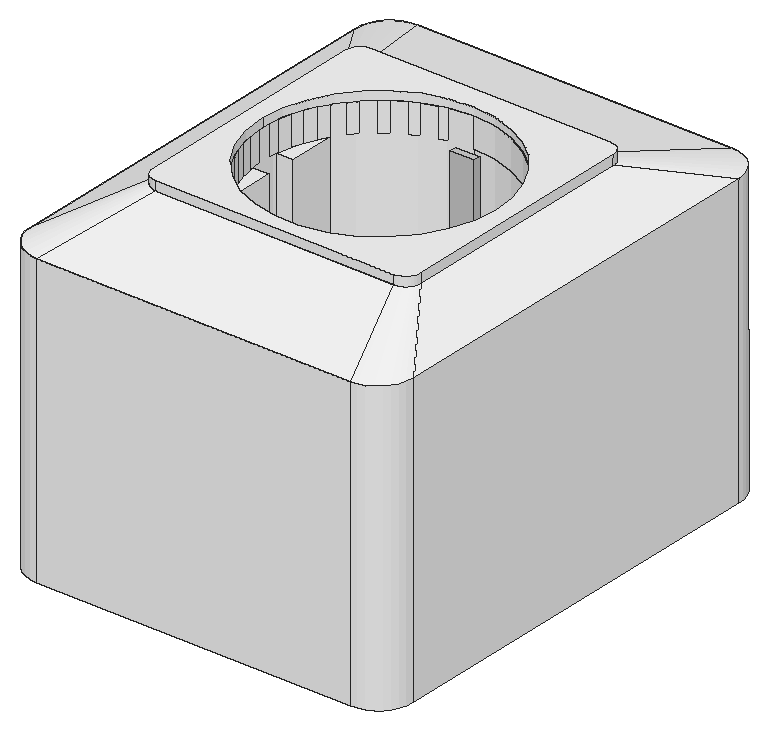
Revit family "Domotics-DomesticRanges-GEWISS-27COMBI_SYSTEM-IP40_SOCKET-OUTLET_DEU", category Apparecchi elettrici, host Superficie, Revit 2016
Family settings
  Host = Superficie
  Mantenere orientamento annotazione = Sì
  Tipo di parte = Normale
  Quota connettore circolare = Usa diametro
  Taglio con vuoti quando caricato = No
  Condiviso = No
  Punto di calcolo locali = Sì
Parameters (values of type "GW27814 - With 2P+E 16A ger std socket IP40")
  Voltage: = "250 V ac"
  Voltage = "250 V ac"
  Volt = 230 V
  Vista in pianta [instance] = yes
  Version file RFA = "19.4"
  URL = "https://www.gewiss.com/ww/en"
  Type of knockout holes = "Removable with tool"
  Torque screws tightening = "0,8NM"
  Thermo-pressure with ball = "70 °C"
  Technical sheet = "https://www.gewiss.com/ww/en/search?q=GW27814"
  TXT ELETTRICO = "16"
  Standard; = "IEC 60884-1"
  Standard = "IEC 60884-1"
  Simbolo [instance] = yes
  SEO = "Enclosure"
  Realized by GEWISS S.p.A. = ""
  Default Elevation = 1219.2 mm
  Produttore = "GEWISS S.p.A."
  Outer dim. LxHxD (mm) = "66x82x55"
  No. knockout holes Ã˜23 = "3 on sides / 1 on the bottom"
  N. poli = 1
  N. holes Ã˜ 23 with cable gland = "1"
  Modello = "GW27814"
  Lid screws = "Corrosion-resistant steel"
  Insulation class = "II"
  Installation temperature = "-25 +60 °C"
  Immagine tipo = GW27814.jpg
  IP degree = "IP40"
  IFC.TypeObject = ""
  IFC.ExportType = ""
  IFC.ExportAs = ""
  IDT = "d2cc88c2-2bd0-4b6a-a7a0-6ff77e855ea8"
  IDF = "cc79028c-f698-4933-8984-bee1ec4ebd57"
  Glow Wire Test = "650°C"
  Electrocod = "0131"
  EAN code = "8011564095427"
  Distanza_x [instance] = 0 mm
  Distanza_effettiva_y [instance] = 100 mm
  Distanza_effettiva_x [instance] = 1000 mm - Distanza_x  # 1000 mm
  Distanza orizzontale del simbolo [instance] = 141.274 mm
  Distanza dal muro [instance] = 4.208 mm
  Descrizione = "2P+E 16A GER STD SOCKET IP40"
  Description: = "Socket-outlet 2P+E - 16A"
  Colour = "Grey RAL 7035"
  Characteristics = "German standard"
  Catalogue Range = "27COMBI"
  Catalogue = "DOMOTICS"
  Carico apparente = 0 VA
  COBie.Tagnumber = ""
  COBie.CreatedOn = ""
  COBie.CreatebBy = ""
  COBie.ComponentRegisterItemID = ""
  COBie.Component.TagNumber = ""
  COBie.Component.Space = ""
  COBie.Component.SerialNumber = ""
  COBie.Component.InstallationDate = ""
  COBie.Component.Description = ""
  COBie.Component.BarCode = ""
Reference planes
  plane 1 "Centro (Fronte/Retro)": y = 0
  plane 2: z = 0
  plane 3 "Centro (Sinistra/Destra)": x = 0
  plane 4: x = -1000
  plane 5: x = 0
  plane 6: y = 100
Lines and regions (mm)
  Masking region 1, visible <- "Vista in pianta"
    outline origin (0, 0, 0) x (1, 0, 0) y (0, 0, 1)
      loop
        line (-33, 56.5) -> (-33, 0) -> (33, 0) -> (33, 56.5) -> (-33, 56.5)
  Masking region 2, visible <- "Vista in pianta"
    outline origin (0, 0, 0) x (0, 1, 0) y (0, 0, 1)
      loop
        line (-40.026, 55) -> (-40.026, 0) -> (41.974, 0) -> (41.974, 55) -> (-40.026, 55)
Dimensions and locks
  plane 4 to plane 3 "Centro (Sinistra/Destra)" = 1000 mm
  "Distanza_effettiva_x": plane 4 to plane 5
  "Distanza_effettiva_y": plane 6 to plane 1 "Centro (Fronte/Retro)"
  aligned and locked: plane 2 to host face
  aligned and locked: level to host face
  aligned and locked: plane 3 "Centro (Sinistra/Destra)" to nested 1
  aligned and locked: plane 1 "Centro (Fronte/Retro)" to nested 1
  aligned and locked: plane 5 to nested 2
  aligned and locked: nested 2 to plane 6
  aligned and locked: Masking region 1 sketch curve to nested 1  (x3)
  aligned and locked: Masking region 2 sketch curve to nested 1  (x3)
Automatic sketch dimensions
  host sketch curve to host sketch curve = 2438.4 mm  (x2)
  level to Masking region 1 sketch curve = 56.5 mm
  plane 1 "Centro (Fronte/Retro)" to Masking region 2 sketch curve = 40.026 mm
Nested families
  nested 1: "System Contenitori IP40 Compl Prese Ger_GENERICO" at (0, 0, 0), type "GW27814 Presa standard Tedesco 2P+T 16A protetta"
  nested 2: "SIMBOLO PRESE" at (0, 100, 0), TESTO ELETTRICO <- "TXT ELETTRICO", Distanza dal muro <- "Distanza dal muro", SIMBOLO <- "Simbolo", visible <- "Simbolo", type "PRESA"
    with TESTO ELETTRICO "16", SIMBOLO yes, Distanza dal muro 4.208 mm, BORDO ACCESO yes
Connectors
  electrical at (0, 0.974, 0), driven by "N. poli", driven by "Volt", driven by "Carico apparente"
    settings: on nested 1, index 1, voltage 230 V, apparent load 0 VA, apparent load phase1 0 VA, apparent load phase2 0 VA, apparent load phase3 0 VA, power factor 1, load classification "Altro", number of poles 1, system type 31, power factor state 1, is connector primary yes, connector utility no, sub classification motor no, connector description ""
Definition of nested family "System Contenitori IP40 Compl Prese Ger_GENERICO"
  Parameters (values of type "GW27814 Presa standard Tedesco 2P+T 16A protetta")
    Profondità = 55 mm
    Lunghezza = 82 mm
    Larghezza = 66 mm
    Finitura System IP40 = none
    Altezza da terra = 750 mm
  Reference planes
    plane 1 "Centro (Fronte/Retro)": y = 0
    plane 2: z = 0
    plane 3 "Centro (Sinistra/Destra)": x = 0
    plane 4: x = -33
    plane 5: x = 33
    plane 6: z = 55
    plane 7: z = 50
  Forms (mm)
    Blend 1, solid, material <- "Finitura System IP40"
      base sketch origin (0, -790.026, 55) x (1, 0, 0) y (0, 1, 0)
        loop
          arc (-20.5, 814) -> (-22.268, 813.268) -> (-23, 811.5) r 2.5
          line (-23, 811.5) -> (-23, 770)
          arc (-23, 770) -> (-22.268, 768.232) -> (-20.5, 767.5) r 2.5
          line (-20.5, 767.5) -> (20.5, 767.5)
          arc (20.5, 767.5) -> (22.268, 768.232) -> (23, 770) r 2.5
          line (23, 770) -> (23, 811.5)
          arc (23, 811.5) -> (22.268, 813.268) -> (20.5, 814) r 2.5
          line (20.5, 814) -> (-20.5, 814)
      top sketch origin (0, -790.026, 55) x (1, 0, 0) y (0, 1, 0)
        loop
          arc (-27, 832) -> (-31.243, 830.243) -> (-33, 826) r 6
          line (-33, 826) -> (-33, 756)
          arc (-33, 756) -> (-31.243, 751.757) -> (-27, 750) r 6
          line (-27, 750) -> (27, 750)
          arc (27, 750) -> (31.243, 751.757) -> (33, 756) r 6
          line (33, 756) -> (33, 826)
          arc (33, 826) -> (31.243, 830.243) -> (27, 832) r 6
          line (27, 832) -> (-27, 832)
      from 0 to -5
    Extrusion 2, solid, material <- "Finitura System IP40"
      sketch origin (0, -790.026, 55) x (1, 0, 0) y (0, 1, 0)
        loop
          arc (-27, 832) -> (-31.243, 830.243) -> (-33, 826) r 6
          line (-33, 826) -> (-33, 756)
          arc (-33, 756) -> (-31.243, 751.757) -> (-27, 750) r 6
          line (-27, 750) -> (27, 750)
          arc (27, 750) -> (31.243, 751.757) -> (33, 756) r 6
          line (33, 756) -> (33, 826)
          arc (33, 826) -> (31.243, 830.243) -> (27, 832) r 6
          line (27, 832) -> (-27, 832)
        loop
          line (-31, 826) -> (-31, 756)
          arc (-31, 756) -> (-29.828, 753.172) -> (-27, 752) r 4
          line (-27, 752) -> (27, 752)
          arc (27, 752) -> (29.828, 753.172) -> (31, 756) r 4
          line (31, 756) -> (31, 826)
          arc (31, 826) -> (29.828, 828.828) -> (27, 830) r 4
          line (27, 830) -> (-27, 830)
          arc (-27, 830) -> (-29.828, 828.828) -> (-31, 826) r 4
      from -5 to -55
    Extrusion 3, solid, material <- "Finitura System IP40", detail levels fine
      sketch origin (0, -790.026, 55) x (1, 0, 0) y (0, 1, 0)
        loop
          arc (-20.5, 814) -> (-22.268, 813.268) -> (-23, 811.5) r 2.5
          line (-23, 811.5) -> (-23, 770)
          arc (-23, 770) -> (-22.268, 768.232) -> (-20.5, 767.5) r 2.5
          line (-20.5, 767.5) -> (20.5, 767.5)
          arc (20.5, 767.5) -> (22.268, 768.232) -> (23, 770) r 2.5
          line (23, 770) -> (23, 811.5)
          arc (23, 811.5) -> (22.268, 813.268) -> (20.5, 814) r 2.5
          line (20.5, 814) -> (-20.5, 814)
      from -5 to 1.5
    Extrusion 4, void
      sketch origin (0, -790.026, 55) x (1, 0, 0) y (0, 1, 0)
        loop
          circle (0, 790.026) r 20.156
      from 1.5 to -5
    Revolve 5, solid, material <- "Finitura System IP40"
      sketch origin (0, -790.026, 55) x (0, 0, -1) y (0, 1, 0)
        loop
          line (0, 810.182) -> (22, 810.182) -> (22, 790.026) -> (23, 790.026) -> (23, 811.231) -> (0, 811.231) -> (0, 810.182)
        axis (23, 790.026) -> (0, 790.026)
      angle from 0 to 360
    Extrusion 6, void, detail levels fine
      sketch origin (0, 0, 0) x (1, 0, 0) y (0, 1, 0)
        loop
          circle (-11.281, -0.293) r 3.536
        loop
          circle (10.281, -0.293) r 3.536
      from 32 to 33
    Extrusion 7, solid, material <- "Finitura System IP40", detail levels fine
      sketch origin (0, 0, 0) x (1, 0, 0) y (0, 1, 0)
        loop
          arc (-17.077, 10.706) -> (-18.981, 6.781) -> (-19.995, 2.538) r 20.156
          line (-19.995, 2.538) -> (-17.077, 2.538) -> (-17.077, 10.706)
        loop
          line (-17.077, -10.706) -> (-17.077, -2.538) -> (-19.995, -2.538)
          arc (-19.995, -2.538) -> (-18.981, -6.781) -> (-17.077, -10.706) r 20.156
        loop
          line (17.077, 10.706) -> (17.077, 2.538) -> (19.995, 2.538)
          arc (19.995, 2.538) -> (18.981, 6.781) -> (17.077, 10.706) r 20.156
        loop
          arc (17.077, -10.706) -> (18.981, -6.781) -> (19.995, -2.538) r 20.156
          line (19.995, -2.538) -> (17.077, -2.538) -> (17.077, -10.706)
      from 33 to 50
    Extrusion 8, solid, detail levels fine
      sketch origin (0, 0, 0) x (1, 0, 0) y (0, 1, 0)
        loop
          line (-2.056, -17.726) -> (-2.056, -18.888) -> (2.056, -18.888) -> (2.056, -17.726) -> (-2.056, -17.726)
        loop
          line (-2.056, 17.726) -> (2.056, 17.726) -> (2.056, 18.888) -> (-2.056, 18.888) -> (-2.056, 17.726)
      from 33 to 50
  Cuts and joins
    Extrusion 4 cuts Blend 1
    Extrusion 4 cuts Extrusion 3
    joined: Extrusion 3, Extrusion 7
    Extrusion 4 cuts Extrusion 2
    Extrusion 6 cuts Revolve 5
  Lines and regions (mm)
    model lines, detail levels fine
      curve 1: circle (0, 0, 33) r 20.156 normal (0, 0, 1)
      curve 2: circle (-11.281, -0.293, 33) r 3.536 normal (0, 0, 1)
      curve 3: circle (10.281, -0.293, 33) r 3.536 normal (0, 0, 1)
      curve 4: line (-17.077, 10.706, 33) -> (-17.077, 2.538, 33)
      curve 5: line (-17.077, 2.538, 33) -> (-19.995, 2.538, 33)
      curve 6: line (-17.077, -10.706, 33) -> (-17.077, -2.538, 33)
      curve 7: line (-17.077, -2.538, 33) -> (-19.995, -2.538, 33)
      curve 8: line (17.077, 10.706, 33) -> (17.077, 2.538, 33)
      curve 9: line (17.077, 2.538, 33) -> (19.995, 2.538, 33)
      curve 10: line (17.077, -10.706, 33) -> (17.077, -2.538, 33)
      curve 11: line (17.077, -2.538, 33) -> (19.995, -2.538, 33)
      curve 12: line (-2.056, 20.051, 33) -> (-2.056, 17.726, 33)
      curve 13: line (-2.056, 17.726, 33) -> (2.056, 17.726, 33)
      curve 14: line (2.056, 17.726, 33) -> (2.056, 20.051, 33)
      curve 15: line (-2.056, -20.051, 33) -> (-2.056, -17.726, 33)
      curve 16: line (-2.056, -17.726, 33) -> (2.056, -17.726, 33)
      curve 17: line (2.056, -17.726, 33) -> (2.056, -20.051, 33)
  Dimensions and locks
    equal spacing: plane 5, plane 3 "Centro (Sinistra/Destra)", plane 4
    "Larghezza": plane 5 to plane 4
    "Profondità": plane 6 to plane 2
    aligned and locked: level to plane 2
    aligned and locked: plane 4 to Blend 1 sketch curve
    aligned and locked: plane 5 to Blend 1 sketch curve
    aligned and locked: plane 4 to Extrusion 2 sketch curve
    aligned and locked: plane 7 to cut or joined group of Extrusion 2, Extrusion 4
    aligned and locked: plane 2 to cut or joined group of Extrusion 2, Extrusion 4
    aligned and locked: curve 1 to Extrusion 7
    aligned and locked: plane 7 to cut or joined group of Extrusion 3, Extrusion 4, Extrusion 7
    aligned and locked: Extrusion 8 to cut or joined group of Extrusion 3, Extrusion 4, Extrusion 7
    aligned and locked: plane 7 to Extrusion 8
  Automatic sketch dimensions
    plane 1 "Centro (Fronte/Retro)" to Blend 1 sketch curve = 20.026 mm
    plane 1 "Centro (Fronte/Retro)" to Blend 1 sketch curve = 40.026 mm
    Extrusion 2 sketch curve to Extrusion 2 sketch curve = 0 mm  (x11)
    Extrusion 2 sketch curve to plane 5 = 0 mm
    plane 4 to Extrusion 2 sketch curve = 2 mm
    plane 1 "Centro (Fronte/Retro)" to Extrusion 2 sketch curve = 40.026 mm
    plane 1 "Centro (Fronte/Retro)" to Extrusion 3 sketch curve = 20.026 mm
    plane 1 "Centro (Fronte/Retro)" to Extrusion 4 sketch curve = 0 mm
    Extrusion 4 sketch curve to plane 3 "Centro (Sinistra/Destra)" = 0 mm
    Revolve 5 sketch curve to plane 1 "Centro (Fronte/Retro)" = 0 mm  (x2)
    Revolve 5 sketch curve to Revolve 5 sketch curve = 22 mm
    Revolve 5 sketch curve to Revolve 5 sketch curve = 1 mm
    Revolve 5 sketch curve to Revolve 5 sketch curve = 0 mm
    Revolve 5 sketch curve to Revolve 5 sketch curve = 1.049 mm
    Blend 1 sketch curve to plane 1 "Centro (Fronte/Retro)" = 21.474 mm
    Blend 1 sketch curve to plane 1 "Centro (Fronte/Retro)" = 35.974 mm
    Extrusion 2 sketch curve to plane 1 "Centro (Fronte/Retro)" = 35.974 mm
    Extrusion 3 sketch curve to plane 1 "Centro (Fronte/Retro)" = 21.474 mm
    Revolve 5 sketch curve to plane 1 "Centro (Fronte/Retro)" = 20.156 mm
    Blend 1 sketch curve to Blend 1 sketch curve = 2.5 mm  (x3)
    plane 4 to Blend 1 sketch curve = 6 mm  (x2)
    Extrusion 2 sketch curve to Extrusion 2 sketch curve = 4 mm  (x4)
    Extrusion 3 sketch curve to Extrusion 3 sketch curve = 2.5 mm  (x3)
    plane 4 to Blend 1 sketch curve = 12.5 mm
    plane 4 to Extrusion 3 sketch curve = 12.5 mm
    plane 5 to Blend 1 sketch curve = 12.5 mm  (x2)
    plane 5 to Blend 1 sketch curve = 6 mm
    Blend 1 sketch curve to Blend 1 sketch curve = 6 mm
    plane 5 to Extrusion 3 sketch curve = 12.5 mm  (x2)
    level to Revolve 5 sketch curve = 55 mm
    Revolve 5 sketch curve to Revolve 5 sketch curve = 4.873 mm
    curve 3 to curve 1 = 0.293 mm
    curve 2 to curve 1 = 0.293 mm
    curve 11 to curve 3 = 2.244 mm
    curve 7 to curve 2 = 2.244 mm
    Revolve 5 to curve 17 = 2.056 mm
    curve 15 to curve 15 = 2.324 mm
    curve 11 to curve 9 = 5.075 mm
    curve 13 to curve 12 = 2.324 mm
    Revolve 5 to curve 14 = 2.056 mm
    curve 8 to curve 3 = 6.796 mm
    curve 9 to curve 8 = 2.918 mm
    curve 11 to curve 10 = 2.918 mm
    curve 15 to Revolve 5 = 2.056 mm
    curve 13 to Revolve 5 = 2.056 mm
    curve 2 to curve 4 = 5.796 mm
    curve 6 to curve 4 = 0 mm
    curve 6 to curve 7 = 2.918 mm
    curve 4 to curve 5 = 2.918 mm
    Extrusion 7 sketch curve to Extrusion 7 sketch curve = 0 mm  (x14)
    plane 1 "Centro (Fronte/Retro)" to Extrusion 7 sketch curve = 0 mm
    Extrusion 7 sketch curve to plane 3 "Centro (Sinistra/Destra)" = 0 mm
    plane 4 to Extrusion 7 sketch curve = 15.923 mm
    plane 1 "Centro (Fronte/Retro)" to Extrusion 7 sketch curve = 2.538 mm  (x2)
    Extrusion 7 sketch curve to Extrusion 7 sketch curve = 2.918 mm  (x4)
    Extrusion 7 sketch curve to plane 1 "Centro (Fronte/Retro)" = 2.538 mm  (x2)
    plane 5 to Extrusion 7 sketch curve = 15.923 mm
    Extrusion 8 sketch curve to plane 3 "Centro (Sinistra/Destra)" = 2.056 mm  (x2)
    plane 3 "Centro (Sinistra/Destra)" to Extrusion 8 sketch curve = 2.056 mm  (x2)
    plane 1 "Centro (Fronte/Retro)" to Extrusion 8 sketch curve = 18.888 mm
    Extrusion 8 sketch curve to Extrusion 8 sketch curve = 1.162 mm  (x2)
    Extrusion 8 sketch curve to plane 1 "Centro (Fronte/Retro)" = 17.726 mm
    radius of Extrusion 4 sketch curve = 20.156 mm
    radius of curve 1 to Revolve 5 = 0 mm
    radius of curve 2 = 3.536 mm
    radius of curve 3 = 3.536 mm
Definition of nested family "SIMBOLO PRESE"
  Parameters (values of type "PRESA")
    TESTO ELETTRICO [instance] = "TXT"
    Simbolo = SIMBOLO PRESE_BASE : PRESA
    SIMBOLO [instance] = yes
    Distanza dal muro [instance] = 4.208 mm
    BORDO ACCESO [instance] = yes
  Reference planes
    plane 1: y = 0
    plane 2: x = 0
  Dimensions and locks
    aligned and locked: plane 1 to nested 1
    aligned and locked: plane 2 to nested 1
  Nested families
    nested 1: "SIMBOLO PRESE_BASE" at (0, 0, 0), type <- "Simbolo", TESTO ELETTRICO <- "TESTO ELETTRICO", BORDO ACCESO <- "BORDO ACCESO", visible <- "SIMBOLO", type "PRESA"
      with TESTO ELETTRICO "TXT", BORDO ACCESO yes
  Definition of nested family "SIMBOLO PRESE_BASE"
    Parameters (values of type "PRESA")
      TESTO ELETTRICO [instance] = "TXT"
      Distanza dal muro = 4.208 mm
      BORDO ACCESO [instance] = yes
    Reference planes
      plane 1: y = 0
      plane 2: x = 0
    Lines and regions (mm)
      detail lines, visible <- "BORDO ACCESO", not visible
        curve 1: line (-1.743, 9.208, 0) -> (2.057, 9.208, 0)
        curve 2: line (2.057, 9.208, 0) -> (2.057, 4.208, 0)
        curve 3: line (2.057, 4.208, 0) -> (-1.743, 4.208, 0)
        curve 4: line (-1.743, 4.208, 0) -> (-1.743, 9.208, 0)
        curve 5: line (-1.543, 9.008, 0) -> (1.857, 9.008, 0)
        curve 6: line (1.857, 9.008, 0) -> (1.857, 4.408, 0)
        curve 7: line (1.857, 4.408, 0) -> (-1.543, 4.408, 0)
        curve 8: line (-1.543, 4.408, 0) -> (-1.543, 9.008, 0)
      detail lines
        curve 9: line (0.783, 1.133, 0) -> (-0.783, 1.133, 0)
        curve 10: line (0, 1.133, 0) -> (0, 0.349, 0)
        curve 11: arc (-0.783, 1.916, 0) -> (0, 1.133, 0) -> (0.783, 1.916, 0) r 0.783
    Text (mm)
      label "TXT" at (0.016, 1.578, 0), shows "TESTO ELETTRICO"
